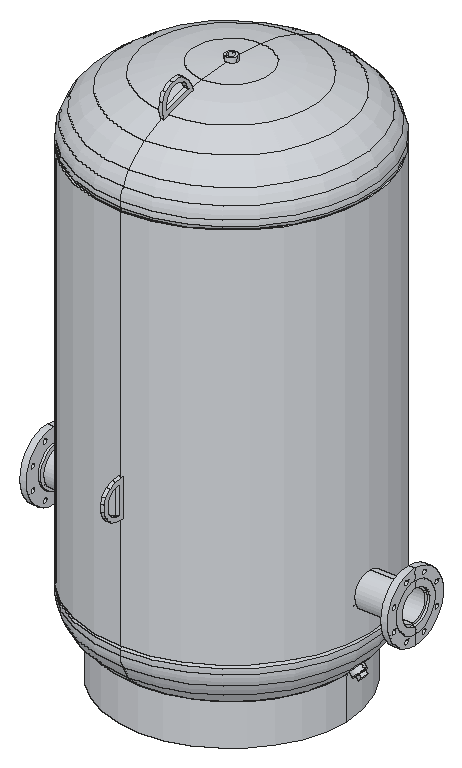
Revit family "CBT-300-4", category Generic Models, Revit 2014
Parameters (values of type "CBT-300-4")
  URL = "http://westank.com/"
  Tank Volume = 300.00 gal
  Part Number = 55360300
  Model = "CBT-300-4"
  Maximum Shipping Weight = 555 lbf
  Flange Connector Diameter = 4"
  Description = "Wessels ASME Chilled Water Buffer Tanks (CBT) are designed for chilled water systems with insufficient water volume capacity in relation to the chiller capacity."
  D = 16 1/2"
  C = 30"
  B = 72"
  A = 36"
Reference planes (in)
  plane 1 "Center (Front/Back)": y = 0
  plane 2: z = 0
  plane 3 "Center (Left/Right)": x = 0
  plane 4: x = -15
  plane 5: x = 15
  plane 6: z = 0
  plane 7: z = 72
  plane 8: x = -18
  plane 9: x = 18
  plane 10: z = 16.5
Forms (in)
  Revolve 1, solid
    sketch origin (0, -0.02461, 0) x (0, 1, 0) y (0, 0, 1)
      loop
        line (-17.97559, 11.40987) -> (-17.77585, 11.40987)
        arc (-17.77585, 11.40987) -> (-17.77901, 11.38745) -> (-17.78675, 11.36617) r 0.10832
        line (-17.78675, 11.36617) -> (-17.97559, 10.97899)
        arc (-17.97559, 10.97899) -> (-17.97692, 10.6034) -> (-17.93634, 10.23002) r 3.36112
        arc (-17.93634, 10.23002) -> (-17.83534, 9.45516) -> (-17.56075, 8.72359) r 3.4127
        arc (-17.56075, 8.72359) -> (-17.14884, 7.91952) -> (-16.63227, 7.17835) r 6.68364
        arc (-16.63227, 7.17835) -> (-15.41449, 5.9118) -> (-13.99078, 4.88214) r 9.83519
        arc (-13.99078, 4.88214) -> (-12.33964, 3.99029) -> (-10.62031, 3.23825) r 22.63963
        arc (-10.62031, 3.23825) -> (-7.74153, 2.33452) -> (-4.76815, 1.82164) r 22.63963
        arc (-4.76815, 1.82164) -> (-2.37465, 1.61295) -> (0.02461, 1.4865) r 70.02787
        line (0.02461, 1.4865) -> (0.02461, 1.65848)
        arc (0.02461, 1.65848) -> (-2.3657, 1.78462) -> (-4.75028, 1.99258) r 69.85599
        arc (-4.75028, 1.99258) -> (-7.70109, 2.50157) -> (-10.55801, 3.39844) r 22.46775
        arc (-10.55801, 3.39844) -> (-12.26429, 4.14477) -> (-13.9029, 5.02985) r 22.46775
        arc (-13.9029, 5.02985) -> (-15.30173, 6.04151) -> (-16.49823, 7.28593) r 9.66331
        arc (-16.49823, 7.28593) -> (-17.00303, 8.01057) -> (-17.40515, 8.79685) r 6.51177
        arc (-17.40515, 8.79685) -> (-17.66943, 9.50016) -> (-17.76465, 10.24543) r 3.24083
        arc (-17.76465, 10.24543) -> (-17.80397, 10.58906) -> (-17.80585, 10.93493) r 3.18924
        line (-17.80585, 10.93493) -> (-17.63227, 11.29083)
        arc (-17.63227, 11.29083) -> (-17.60804, 11.35818) -> (-17.59889, 11.42917) r 0.33041
        line (-17.59889, 11.42917) -> (-17.80365, 11.42917) -> (-17.80365, 62.07314) -> (-17.59889, 62.07314)
        arc (-17.59889, 62.07314) -> (-17.60804, 62.14413) -> (-17.63227, 62.21149) r 0.33041
        line (-17.63227, 62.21149) -> (-17.80585, 62.56739)
        arc (-17.80585, 62.56739) -> (-17.80397, 62.91325) -> (-17.76465, 63.25688) r 3.18924
        arc (-17.76465, 63.25688) -> (-17.66943, 64.00215) -> (-17.40515, 64.70547) r 3.24083
        arc (-17.40515, 64.70547) -> (-17.00303, 65.49175) -> (-16.49823, 66.21639) r 6.51177
        arc (-16.49823, 66.21639) -> (-15.30173, 67.4608) -> (-13.9029, 68.47247) r 9.66331
        arc (-13.9029, 68.47247) -> (-12.26429, 69.35755) -> (-10.55801, 70.10388) r 22.46775
        arc (-10.55801, 70.10388) -> (-7.70109, 71.00074) -> (-4.75028, 71.50973) r 22.46775
        arc (-4.75028, 71.50973) -> (-2.3657, 71.71769) -> (0.02461, 71.84383) r 69.85599
        line (0.02461, 71.84383) -> (0.02461, 72.01582)
        arc (0.02461, 72.01582) -> (-2.37465, 71.88936) -> (-4.76815, 71.68068) r 70.02787
        arc (-4.76815, 71.68068) -> (-7.74153, 71.16779) -> (-10.62031, 70.26407) r 22.63963
        arc (-10.62031, 70.26407) -> (-12.33964, 69.51203) -> (-13.99078, 68.62018) r 22.63963
        arc (-13.99078, 68.62018) -> (-15.41449, 67.59052) -> (-16.63227, 66.32397) r 9.83519
        arc (-16.63227, 66.32397) -> (-17.14884, 65.58279) -> (-17.56075, 64.77872) r 6.68364
        arc (-17.56075, 64.77872) -> (-17.83534, 64.04715) -> (-17.93634, 63.2723) r 3.4127
        arc (-17.93634, 63.2723) -> (-17.97692, 62.89891) -> (-17.97559, 62.52332) r 3.36112
        line (-17.97559, 62.52332) -> (-17.78675, 62.13614)
        arc (-17.78675, 62.13614) -> (-17.77901, 62.11486) -> (-17.77585, 62.09244) r 0.10832
        line (-17.77585, 62.09244) -> (-17.97559, 62.09244) -> (-17.97559, 11.40987)
      axis (0.02461, 1.4865) -> (0.02461, 72.01582)
    angle from 0 to 360
  Revolve 2, solid
    sketch origin (-3.00177, 0, 1.50063) x (-1, 0, 0) y (0, 0, 1)
      loop
        line (19.68695, 12.74945) -> (19.68695, 12.34328) -> (20.06195, 12.34328) -> (20.06195, 10.49952) -> (20.93695, 10.49952) -> (20.93695, 11.90577) -> (20.99945, 11.90577) -> (20.99945, 12.74945) -> (19.68695, 12.74945)
      axis (20.99945, 14.99937) -> (19.68695, 14.99937)
    angle from 0 to 360
  Revolve 3, solid
    sketch origin (1.3301, 0, 3.24654) x (0.990017, 0, -0.140951) y (0.140951, 0, 0.990017)
      loop
        line (14.71753, 6.11956) -> (14.66586, 6.1556) -> (14.25436, 5.56561) -> (14.86992, 5.13627) -> (15.24588, 5.6753) -> (15.19462, 5.71106) -> (15.31904, 5.88945) -> (14.80641, 6.24699) -> (14.71753, 6.11956)
      axis (14.25436, 5.56561) -> (14.86992, 5.13627)
    angle from 0 to 360
  Extrusion 4, solid
    sketch origin (16.3437, -180, 7.27869) x (0.681658, 0, 0.731671) y (0, -1, 0)
      loop
        line (-0.16036, -179.52645) -> (-0.95521, -179.68698) -> (-0.79485, -180.48095) -> (0, -180.32042) -> (-0.16036, -179.52645)
    from 1.02698 to 1.52678
  Extrusion 5, solid
    sketch origin (0, -6.04905, 4.9833) x (0, 1, 0) y (0, 0, 1)
      loop
        line (-11.93439, 21.33067) -> (-11.93439, 26.202)
        arc (-11.93439, 26.202) -> (-12.47846, 26.15164) -> (-13.01533, 26.05008) r 5.77422
        arc (-13.01533, 26.05008) -> (-13.49297, 25.89754) -> (-13.94252, 25.67548) r 3.35288
        arc (-13.94252, 25.67548) -> (-14.34081, 25.36666) -> (-14.64962, 24.96837) r 2.0073
        arc (-14.64962, 24.96837) -> (-14.80343, 24.58932) -> (-14.88788, 24.18906) r 2.30742
        arc (-14.88788, 24.18906) -> (-14.91277, 23.77188) -> (-14.88788, 23.3547) r 3.50846
        arc (-14.88788, 23.3547) -> (-14.79412, 22.92876) -> (-14.61961, 22.52904) r 2.24053
        arc (-14.61961, 22.52904) -> (-14.27401, 22.08806) -> (-13.80999, 21.77406) r 1.8078
        arc (-13.80999, 21.77406) -> (-13.34321, 21.55591) -> (-12.84107, 21.44044) r 2.44481
        arc (-12.84107, 21.44044) -> (-12.39043, 21.36326) -> (-11.93439, 21.33067) r 4.65484
      loop
        arc (-12.44611, 25.63929) -> (-12.67227, 25.60073) -> (-12.89654, 25.55235) r 5.2625
        arc (-12.89654, 25.55235) -> (-13.30128, 25.42308) -> (-13.68221, 25.23491) r 2.84116
        arc (-13.68221, 25.23491) -> (-13.97364, 25.01013) -> (-14.20134, 24.72098) r 1.49558
        arc (-14.20134, 24.72098) -> (-14.3163, 24.43235) -> (-14.37979, 24.12821) r 1.7957
        arc (-14.37979, 24.12821) -> (-14.40106, 23.77188) -> (-14.37979, 23.41555) r 2.99674
        arc (-14.37979, 23.41555) -> (-14.30745, 23.08689) -> (-14.17279, 22.77846) r 1.72881
        arc (-14.17279, 22.77846) -> (-13.91552, 22.45353) -> (-13.56884, 22.22643) r 1.29608
        arc (-13.56884, 22.22643) -> (-13.1779, 22.0402) -> (-12.75531, 21.94566) r 1.9331
        arc (-12.75531, 21.94566) -> (-12.60126, 21.91347) -> (-12.44611, 21.88716) r 4.14312
        line (-12.44611, 21.88716) -> (-12.44611, 25.63929)
    from -0.24366 to 0.25634
  Extrusion 6, solid
    sketch origin (0, -28.53332, 53.09576) x (0, 0.284015, -0.95882) y (0, 0.95882, 0.284015)
      loop
        arc (-11.9298, 25.67102) -> (-12.15596, 25.63246) -> (-12.38023, 25.58408) r 5.2625
        arc (-12.38023, 25.58408) -> (-12.78497, 25.45482) -> (-13.16591, 25.26664) r 2.84116
        arc (-13.16591, 25.26664) -> (-13.45733, 25.04186) -> (-13.68503, 24.75271) r 1.49558
        arc (-13.68503, 24.75271) -> (-13.8, 24.46408) -> (-13.86349, 24.15994) r 1.7957
        arc (-13.86349, 24.15994) -> (-13.88475, 23.80361) -> (-13.86349, 23.44728) r 2.99674
        arc (-13.86349, 23.44728) -> (-13.79114, 23.11862) -> (-13.65649, 22.81019) r 1.72881
        arc (-13.65649, 22.81019) -> (-13.39922, 22.48527) -> (-13.05253, 22.25816) r 1.29608
        arc (-13.05253, 22.25816) -> (-12.66159, 22.07193) -> (-12.239, 21.97739) r 1.9331
        arc (-12.239, 21.97739) -> (-12.08496, 21.94521) -> (-11.9298, 21.91889) r 4.14312
        line (-11.9298, 21.91889) -> (-11.9298, 25.67102)
      loop
        line (-11.17132, 21.34265) -> (-11.17132, 26.18028)
        arc (-11.17132, 26.18028) -> (-12.11834, 26.16865) -> (-13.02719, 25.90227) r 3.48194
        arc (-13.02719, 25.90227) -> (-13.54727, 25.6041) -> (-13.99851, 25.20943) r 3.03185
        arc (-13.99851, 25.20943) -> (-14.28248, 24.55653) -> (-14.39992, 23.8543) r 2.91879
        arc (-14.39992, 23.8543) -> (-14.3348, 23.1787) -> (-14.08611, 22.54717) r 2.44012
        arc (-14.08611, 22.54717) -> (-13.716, 22.08641) -> (-13.21844, 21.76749) r 1.83162
        arc (-13.21844, 21.76749) -> (-12.21655, 21.45065) -> (-11.17132, 21.34265) r 5.1769
    from -0.24366 to 0.25634
  Extrusion 7, solid
    sketch origin (0, 0, 0) x (1, 0, 0) y (0, 1, 0)
      loop
        circle (0, 0) r 0.75
      loop
        circle (0, 0) r 0.5
    from 71.36613 to 72.49354
  Extrusion 8, void
    sketch origin (-3.60333, 0.13917, 1.92009) x (0, 1, 0) y (0, 0, -1)
      loop
        circle (1.33192, -18.03807) r 0.37532
      loop
        circle (3.33257, -13.14499) r 0.37532
      loop
        circle (3.3212, -16.00932) r 0.37532
      loop
        circle (1.30029, -11.11071) r 0.37532
      loop
        circle (-1.61025, -18.03807) r 0.37532
      loop
        circle (-3.6109, -13.14499) r 0.37532
      loop
        circle (-3.59954, -16.00932) r 0.37532
      loop
        circle (-1.57863, -11.11071) r 0.37532
    from 18.24548 to 21.39667
  Extrusion 9, void
    sketch origin (0, 0, 0) x (1, 0, 0) y (0, 1, 0)
      loop
        circle (0, 0) r 0.5
    from 70.90268 to 73.75579
  Revolve 10, solid
    sketch origin (0, 0, 0) x (1, 0, 0) y (0, 0, 1)
      loop
        line (14.82824, 5.43485) -> (14.82824, 0) -> (15, 0) -> (15, 5.43485) -> (14.82824, 5.43485)
      axis (0, 5.43485) -> (0, 0)
    angle from 0 to 360
  Revolve 11, solid
    sketch origin (-3.60333, 0, 1.50258) x (1, 0, 0) y (0, 0, 1)
      loop
        line (-13.52289, 12.98467) -> (-20.02289, 12.98467) -> (-20.02289, 12.74742) -> (-13.52289, 12.74742) -> (-13.52289, 12.98467)
      axis (-20.02289, 14.99742) -> (-13.52289, 14.99742)
    angle from 0 to 360
  Extrusion 12, void
    sketch origin (0, 0, 0.25) x (0, 1, 0) y (0, 0, 1)
      loop
        circle (0, 16.25) r 2.01274
    from -25.54999 to 27.00963
  Revolve 13, solid
    sketch origin (3.00177, 0, 1.50063) x (1, 0, 0) y (0, 0, 1)
      loop
        line (19.68695, 12.74945) -> (19.68695, 12.34328) -> (20.06195, 12.34328) -> (20.06195, 10.49952) -> (20.93695, 10.49952) -> (20.93695, 11.90577) -> (20.99945, 11.90577) -> (20.99945, 12.74945) -> (19.68695, 12.74945)
      axis (20.99945, 14.99937) -> (19.68695, 14.99937)
    angle from 0 to 360
  Extrusion 14, void
    sketch origin (3.60333, 0.13917, 1.92009) x (0, 1, 0) y (0, 0, 1)
      loop
        circle (1.33192, 18.03807) r 0.37532
      loop
        circle (3.33257, 13.14499) r 0.37532
      loop
        circle (3.3212, 16.00932) r 0.37532
      loop
        circle (1.30029, 11.11071) r 0.37532
      loop
        circle (-1.61025, 18.03807) r 0.37532
      loop
        circle (-3.6109, 13.14499) r 0.37532
      loop
        circle (-3.59954, 16.00932) r 0.37532
      loop
        circle (-1.57863, 11.11071) r 0.37532
    from 18.24548 to 21.39667
  Revolve 15, solid
    sketch origin (3.60333, 0, 1.50258) x (-1, 0, 0) y (0, 0, 1)
      loop
        line (-13.52289, 12.98467) -> (-20.02289, 12.98467) -> (-20.02289, 12.74742) -> (-13.52289, 12.74742) -> (-13.52289, 12.98467)
      axis (-20.02289, 14.99742) -> (-13.52289, 14.99742)
    angle from 0 to 360
Cuts and joins
  joined: Extrusion 4, Extrusion 5, Extrusion 6, Extrusion 7, Revolve 10
  Extrusion 8, Extrusion 9, Extrusion 12, Extrusion 14 cuts Revolve 1
  Extrusion 8, Extrusion 14 cuts Revolve 2
  joined: Revolve 1, Revolve 2
  Extrusion 14 cuts Revolve 13
Dimensions and locks (in)
  "B": plane 7 to level
  "C": plane 5 to plane 4
  "A": plane 9 to plane 8
  "D": plane 10 to level
  aligned and locked: plane 2 to level
  aligned and locked: Revolve 10 sketch curve to plane 3 "Center (Left/Right)"
Automatic sketch dimensions
  Revolve 1 sketch curve to Revolve 1 sketch curve = 0"  (x56)
  Revolve 1 sketch curve to plane 1 "Center (Front/Back)" = 0"  (x3)
  plane 1 "Center (Front/Back)" to Revolve 1 sketch curve = 2.43969"  (x2)
  Revolve 1 sketch curve to plane 10 = 3.16549"
  plane 1 "Center (Front/Back)" to Revolve 1 sketch curve = 8.98663"  (x2)
  Revolve 1 sketch curve to Revolve 1 sketch curve = 2.45782"  (x2)
  Revolve 1 sketch curve to Revolve 1 sketch curve = 3.10417"  (x2)
  Revolve 1 sketch curve to Revolve 1 sketch curve = 0.0964"  (x2)
  Revolve 1 sketch curve to Revolve 1 sketch curve = 2.97849"  (x2)
  Revolve 1 sketch curve to plane 7 = 9.78851"
  Revolve 1 sketch curve to Revolve 1 sketch curve = 0.03338"  (x2)
  Revolve 1 sketch curve to plane 10 = 5.20917"
  Revolve 1 sketch curve to Revolve 1 sketch curve = 0.17696"  (x2)
  Revolve 1 sketch curve to plane 10 = 5.13383"
  Revolve 1 sketch curve to Revolve 1 sketch curve = 0.0109"  (x2)
  Revolve 1 sketch curve to plane 7 = 9.86386"
  Revolve 1 sketch curve to Revolve 1 sketch curve = 0.0278"
  Revolve 1 sketch curve to Revolve 1 sketch curve = 0.17358"  (x2)
  Revolve 1 sketch curve to plane 10 = 5.56507"
  Revolve 1 sketch curve to Revolve 1 sketch curve = 0.08045"  (x2)
  Revolve 1 sketch curve to Revolve 1 sketch curve = 0.04514"  (x2)
  Revolve 1 sketch curve to Revolve 1 sketch curve = 0.04635"
  Revolve 1 sketch curve to plane 10 = 5.52101"
  Revolve 1 sketch curve to Revolve 1 sketch curve = 0.16974"  (x2)
  Revolve 1 sketch curve to plane 7 = 9.47668"
  Revolve 1 sketch curve to plane 7 = 0.52976"
  Revolve 1 sketch curve to plane 1 "Center (Front/Back)" = 2.48565"  (x2)
  Revolve 1 sketch curve to Revolve 1 sketch curve = 0.51151"
  Revolve 1 sketch curve to Revolve 1 sketch curve = 0.49854"  (x2)
  level to Revolve 1 sketch curve = 2.03208"
  level to Revolve 1 sketch curve = 1.65848"
  Revolve 1 sketch curve to Revolve 1 sketch curve = 0.17198"
  Revolve 1 sketch curve to Revolve 1 sketch curve = 1 249/256"  (x2)
  Revolve 1 sketch curve to Revolve 1 sketch curve = 0.0437"
  Revolve 1 sketch curve to Revolve 1 sketch curve = 0.0193"
  plane 10 to Revolve 1 sketch curve = 7.83865"
  Revolve 1 sketch curve to Revolve 1 sketch curve = 13.04782"
  Revolve 1 sketch curve to Revolve 1 sketch curve = 2.04368"
  Revolve 1 sketch curve to Revolve 1 sketch curve = 0.0695"
  Revolve 1 sketch curve to Revolve 1 sketch curve = 0.02202"
  Revolve 1 sketch curve to Revolve 1 sketch curve = 0.04406"
  Revolve 1 sketch curve to Revolve 1 sketch curve = 0.64986"
  Revolve 1 sketch curve to plane 7 = 0.15617"
  plane 7 to Revolve 1 sketch curve = 0.01582"
  Revolve 1 sketch curve to plane 7 = 1.89612"
  level to Revolve 1 sketch curve = 3 51/128"
  Revolve 1 sketch curve to Revolve 1 sketch curve = 0.06229"  (x2)
  Revolve 1 sketch curve to Revolve 1 sketch curve = 0.90692"  (x2)
  Revolve 1 sketch curve to Revolve 1 sketch curve = 0.1556"  (x2)
  Revolve 1 sketch curve to Revolve 1 sketch curve = 4.55443"
  Revolve 1 sketch curve to Revolve 1 sketch curve = 3 3/4"
  Revolve 2 sketch curve to plane 10 = 0"
  plane 8 to Revolve 2 sketch curve = 4.68872"
  Revolve 2 sketch curve to Revolve 2 sketch curve = 3/8"
  Revolve 2 sketch curve to Revolve 2 sketch curve = 7/8"
  Revolve 2 sketch curve to Revolve 2 sketch curve = 1/16"
  plane 10 to Revolve 2 sketch curve = 2.24992"
  Revolve 2 sketch curve to Revolve 2 sketch curve = 0.40616"
  Revolve 2 sketch curve to Revolve 2 sketch curve = 0.84368"
  Revolve 2 sketch curve to Revolve 2 sketch curve = 1 13/32"
  Revolve 2 sketch curve to plane 8 = 0.57793"
  Revolve 2 sketch curve to Revolve 2 sketch curve = 0.68278"
  plane 5 to Revolve 3 sketch curve = 1.22663"
  level to Revolve 3 sketch curve = 6.74742"
  Revolve 3 sketch curve to Revolve 3 sketch curve = 0.4115"
  Revolve 3 sketch curve to Revolve 3 sketch curve = 0.05167"
  Revolve 3 sketch curve to Revolve 3 sketch curve = 0.08888"
  Revolve 3 sketch curve to Revolve 3 sketch curve = 0.61556"
  Revolve 3 sketch curve to Revolve 3 sketch curve = 0.47709"
  Revolve 3 sketch curve to Revolve 3 sketch curve = 0.05126"
  Revolve 3 sketch curve to Revolve 3 sketch curve = 0.42934"
  Revolve 3 sketch curve to Revolve 3 sketch curve = 0.12768"
  Revolve 3 sketch curve to Revolve 3 sketch curve = 0"  (x2)
  Revolve 3 sketch curve to Revolve 3 sketch curve = 0.08905"
  plane 1 "Center (Front/Back)" to Extrusion 4 sketch curve = 0.31302"
  Extrusion 4 sketch curve to plane 1 "Center (Front/Back)" = 0.48095"
  Extrusion 4 sketch curve to Extrusion 4 sketch curve = 0.16036"  (x2)
  plane 1 "Center (Front/Back)" to Extrusion 4 sketch curve = 0.47355"
  Extrusion 4 sketch curve to Extrusion 4 sketch curve = 0.79485"
  Extrusion 4 sketch curve to plane 1 "Center (Front/Back)" = 0.32042"
  Extrusion 5 sketch curve to Extrusion 5 sketch curve = 0"  (x24)
  plane 1 "Center (Front/Back)" to Extrusion 5 sketch curve = 19.09014"
  Extrusion 5 sketch curve to Extrusion 5 sketch curve = 0.11966"
  Extrusion 5 sketch curve to Extrusion 5 sketch curve = 0.25819"
  Extrusion 5 sketch curve to Extrusion 5 sketch curve = 17/256"
  Extrusion 5 sketch curve to Extrusion 5 sketch curve = 0.04958"
  Extrusion 5 sketch curve to Extrusion 5 sketch curve = 0.15073"
  Extrusion 5 sketch curve to Extrusion 5 sketch curve = 0.20915"
  Extrusion 5 sketch curve to Extrusion 5 sketch curve = 131/256"
  Extrusion 5 sketch curve to Extrusion 5 sketch curve = 0.10338"
  Extrusion 5 sketch curve to Extrusion 5 sketch curve = 0.25955"
  Extrusion 5 sketch curve to Extrusion 5 sketch curve = 1.14294"
  plane 10 to Extrusion 5 sketch curve = 8.91692"
  Extrusion 5 sketch curve to Extrusion 5 sketch curve = 0.89706"
  Extrusion 5 sketch curve to Extrusion 5 sketch curve = 0.55648"
  Extrusion 5 sketch curve to Extrusion 5 sketch curve = 0.90165"
  Extrusion 5 sketch curve to Extrusion 5 sketch curve = 0.62139"
  Extrusion 5 sketch curve to Extrusion 5 sketch curve = 27/128"
  Extrusion 5 sketch curve to Extrusion 5 sketch curve = 0.15076"
  Extrusion 5 sketch curve to Extrusion 5 sketch curve = 0.24641"
  Extrusion 5 sketch curve to Extrusion 5 sketch curve = 0.04716"
  Extrusion 5 sketch curve to Extrusion 5 sketch curve = 0.0326"
  Extrusion 5 sketch curve to Extrusion 5 sketch curve = 1.7246"
  Extrusion 5 sketch curve to Extrusion 5 sketch curve = 0.34507"
  Extrusion 5 sketch curve to Extrusion 5 sketch curve = 0.21764"
  Extrusion 5 sketch curve to Extrusion 5 sketch curve = 1.12273"
  Extrusion 5 sketch curve to Extrusion 5 sketch curve = 0.78568"
  Extrusion 5 sketch curve to Extrusion 5 sketch curve = 0.24115"
  Extrusion 5 sketch curve to Extrusion 5 sketch curve = 0.2603"
  Extrusion 5 sketch curve to Extrusion 5 sketch curve = 0.60395"
  Extrusion 5 sketch curve to Extrusion 5 sketch curve = 0.51913"
  Extrusion 5 sketch curve to Extrusion 5 sketch curve = 0.44682"
  Extrusion 5 sketch curve to Extrusion 5 sketch curve = 0.44829"
  Extrusion 6 sketch curve to plane 7 = 0.23736"
  plane 1 "Center (Front/Back)" to Extrusion 6 sketch curve = 9.61397"
  Extrusion 6 sketch curve to Extrusion 6 sketch curve = 0.03301"
  Extrusion 6 sketch curve to Extrusion 6 sketch curve = 0.08665"
  Extrusion 6 sketch curve to Extrusion 6 sketch curve = 0.34483"
  Extrusion 6 sketch curve to Extrusion 6 sketch curve = 17/256"
  Extrusion 6 sketch curve to Extrusion 6 sketch curve = 0.04958"
  Extrusion 6 sketch curve to Extrusion 6 sketch curve = 0.06885"
  Extrusion 6 sketch curve to Extrusion 6 sketch curve = 0.56197"
  Extrusion 6 sketch curve to Extrusion 6 sketch curve = 0.36028"
  Extrusion 6 sketch curve to Extrusion 6 sketch curve = 0.06601"
  Extrusion 6 sketch curve to Extrusion 6 sketch curve = 0.11815"
  Extrusion 6 sketch curve to Extrusion 6 sketch curve = 0.47821"
  Extrusion 6 sketch curve to Extrusion 6 sketch curve = 0.75848"
  Extrusion 6 sketch curve to Extrusion 6 sketch curve = 0.14338"
  Extrusion 6 sketch curve to Extrusion 6 sketch curve = 0.00673"
  Extrusion 6 sketch curve to Extrusion 6 sketch curve = 0.01279"
  Extrusion 6 sketch curve to Extrusion 6 sketch curve = 0.59588"
  Extrusion 6 sketch curve to Extrusion 6 sketch curve = 0.3061"
  Extrusion 6 sketch curve to Extrusion 6 sketch curve = 0.31529"
  Extrusion 6 sketch curve to Extrusion 6 sketch curve = 0.0954"
  Extrusion 6 sketch curve to Extrusion 6 sketch curve = 0.80625"
  Extrusion 6 sketch curve to Extrusion 6 sketch curve = 0.57624"
  Extrusion 6 sketch curve to Extrusion 6 sketch curve = 0.8773"
  Extrusion 6 sketch curve to Extrusion 6 sketch curve = 0.00686"
  Extrusion 6 sketch curve to Extrusion 6 sketch curve = 0.20406"
  Extrusion 6 sketch curve to Extrusion 6 sketch curve = 0.59172"
  Extrusion 6 sketch curve to Extrusion 6 sketch curve = 0.09548"
  Extrusion 6 sketch curve to Extrusion 6 sketch curve = 0.07607"
  Extrusion 6 sketch curve to Extrusion 6 sketch curve = 0.15093"
  Extrusion 6 sketch curve to Extrusion 6 sketch curve = 0.04716"
  Extrusion 6 sketch curve to Extrusion 6 sketch curve = 0.0326"
  Extrusion 6 sketch curve to Extrusion 6 sketch curve = 1.7246"
  Extrusion 6 sketch curve to Extrusion 6 sketch curve = 0.34507"
  Extrusion 6 sketch curve to Extrusion 6 sketch curve = 0.16418"
  Extrusion 6 sketch curve to Extrusion 6 sketch curve = 0.33927"
  Extrusion 6 sketch curve to Extrusion 6 sketch curve = 0"  (x6)
  Extrusion 6 sketch curve to Extrusion 6 sketch curve = 0.1659"
  Extrusion 6 sketch curve to Extrusion 6 sketch curve = 0.13872"
  Extrusion 6 sketch curve to Extrusion 6 sketch curve = 0.42962"
  Extrusion 6 sketch curve to Extrusion 6 sketch curve = 0.51913"
  Extrusion 6 sketch curve to Extrusion 6 sketch curve = 0.31348"
  Extrusion 7 sketch curve to Extrusion 7 sketch curve = 0"  (x2)
  plane 1 "Center (Front/Back)" to Extrusion 7 sketch curve = 0"
  Extrusion 7 sketch curve to plane 3 "Center (Left/Right)" = 0"
  Extrusion 8 sketch curve to plane 10 = 1.43492"  (x2)
  plane 1 "Center (Front/Back)" to Extrusion 8 sketch curve = 3.47173"
  plane 10 to Extrusion 8 sketch curve = 1.42941"  (x2)
  Extrusion 8 sketch curve to Extrusion 8 sketch curve = 0.01136"  (x2)
  plane 1 "Center (Front/Back)" to Extrusion 8 sketch curve = 1.47108"
  plane 1 "Center (Front/Back)" to Extrusion 8 sketch curve = 1.43946"
  Extrusion 8 sketch curve to plane 1 "Center (Front/Back)" = 1.43946"
  Extrusion 8 sketch curve to plane 1 "Center (Front/Back)" = 1.47108"
  Extrusion 8 sketch curve to Extrusion 8 sketch curve = 1.98929"
  plane 10 to Extrusion 8 sketch curve = 3.45816"
  Extrusion 8 sketch curve to Extrusion 8 sketch curve = 2.02874"
  Extrusion 8 sketch curve to Extrusion 8 sketch curve = 2.03428"  (x2)
  Extrusion 9 sketch curve to Extrusion 9 sketch curve = 0"  (x2)
  plane 1 "Center (Front/Back)" to Extrusion 9 sketch curve = 0"
  Extrusion 9 sketch curve to plane 3 "Center (Left/Right)" = 0"
  Extrusion 9 sketch curve to plane 3 "Center (Left/Right)" = 1/2"
  Revolve 10 sketch curve to level = 0"
  Revolve 10 sketch curve to plane 5 = 0"
  Revolve 10 sketch curve to plane 5 = 0.17176"
  level to Revolve 10 sketch curve = 5.43485"
  level to Revolve 10 sketch curve = 4.69941"
  Revolve 10 sketch curve to Revolve 10 sketch curve = 1"
  Revolve 11 sketch curve to plane 10 = 0"
  Revolve 11 sketch curve to plane 10 = 2 1/4"
  Revolve 11 sketch curve to plane 8 = 5.62622"
  plane 8 to Revolve 11 sketch curve = 0.87378"
  Revolve 11 sketch curve to Revolve 11 sketch curve = 0.23726"
  Revolve 11 sketch curve to plane 8 = 0.1741"
  plane 8 to Revolve 11 sketch curve = 0.18605"
  Extrusion 12 sketch curve to Extrusion 12 sketch curve = 0"  (x2)
  Extrusion 12 sketch curve to plane 1 "Center (Front/Back)" = 0"
  Extrusion 12 sketch curve to plane 10 = 0"
  Extrusion 12 sketch curve to Extrusion 12 sketch curve = 2.01274"
  Revolve 13 sketch curve to plane 10 = 0"
  plane 9 to Revolve 13 sketch curve = 4.68872"
  Revolve 13 sketch curve to Revolve 13 sketch curve = 3/8"
  Revolve 13 sketch curve to Revolve 13 sketch curve = 7/8"
  Revolve 13 sketch curve to Revolve 13 sketch curve = 1/16"
  Revolve 13 sketch curve to plane 10 = 2.24992"
  Revolve 13 sketch curve to Revolve 13 sketch curve = 0.40616"
  Revolve 13 sketch curve to Revolve 13 sketch curve = 0.84368"
  Revolve 13 sketch curve to Revolve 13 sketch curve = 1 13/32"
  Revolve 13 sketch curve to plane 9 = 0.57793"
  Revolve 13 sketch curve to Revolve 13 sketch curve = 0.68278"
  Extrusion 14 sketch curve to plane 10 = 1.43492"  (x2)
  plane 1 "Center (Front/Back)" to Extrusion 14 sketch curve = 3.47173"
  plane 10 to Extrusion 14 sketch curve = 1.42941"  (x2)
  Extrusion 14 sketch curve to Extrusion 14 sketch curve = 0.01136"  (x2)
  plane 1 "Center (Front/Back)" to Extrusion 14 sketch curve = 1.47108"
  plane 1 "Center (Front/Back)" to Extrusion 14 sketch curve = 1.43946"
  Extrusion 14 sketch curve to plane 1 "Center (Front/Back)" = 1.43946"
  Extrusion 14 sketch curve to plane 1 "Center (Front/Back)" = 1.47108"
  Extrusion 14 sketch curve to Extrusion 14 sketch curve = 1.98929"
  Extrusion 14 sketch curve to Extrusion 14 sketch curve = 2.03428"
  Extrusion 14 sketch curve to Extrusion 14 sketch curve = 0"
  Extrusion 14 sketch curve to Extrusion 14 sketch curve = 2.02874"  (x2)
  Revolve 15 sketch curve to plane 10 = 0"
  plane 10 to Revolve 15 sketch curve = 2 1/4"
  Revolve 15 sketch curve to plane 9 = 5.62622"
  plane 9 to Revolve 15 sketch curve = 0.87378"
  Revolve 15 sketch curve to Revolve 15 sketch curve = 0.23726"
  Revolve 15 sketch curve to plane 9 = 0.1741"
  plane 9 to Revolve 15 sketch curve = 0.18605"
  radius of Extrusion 7 sketch curve = 3/4"
  radius of Extrusion 7 sketch curve = 1/2"
  radius of Extrusion 8 sketch curve = 0.37532"  (x8)
  radius of Extrusion 14 sketch curve = 0.37532"  (x8)
Connectors (in)
  piping at (-24.00122, 0, 16.5), diameter 4, driven by "Flange Connector Diameter"
    settings: on Revolve 2, index 1, connector inside diameter 24", connector length 0", flow factor 0, pipe flow 0 GPM, pressure drop 0.00 psi, fitting loss kfactor 0, connector angle 0.00°, fixture units 0, engagement length 0", angle of deflection 0.00°, flow configuration 0, flow direction 0, fitting loss method 0, system type 7, joint type 0, gender type 0, connector reference index 2, connector utility 0, adjustable connector no, is connector primary yes, connector description ""
  piping at (24.00122, 0, 16.5), diameter 4, driven by "Flange Connector Diameter"
    settings: on Revolve 13, index 2, connector inside diameter 24", connector length 0", flow factor 0, pipe flow 0 GPM, pressure drop 0.00 psi, fitting loss kfactor 0, connector angle 0.00°, fixture units 0, engagement length 0", angle of deflection 0.00°, flow configuration 0, flow direction 0, fitting loss method 0, system type 7, joint type 0, gender type 0, connector reference index 1, connector utility 0, adjustable connector no, is connector primary no, connector description ""
